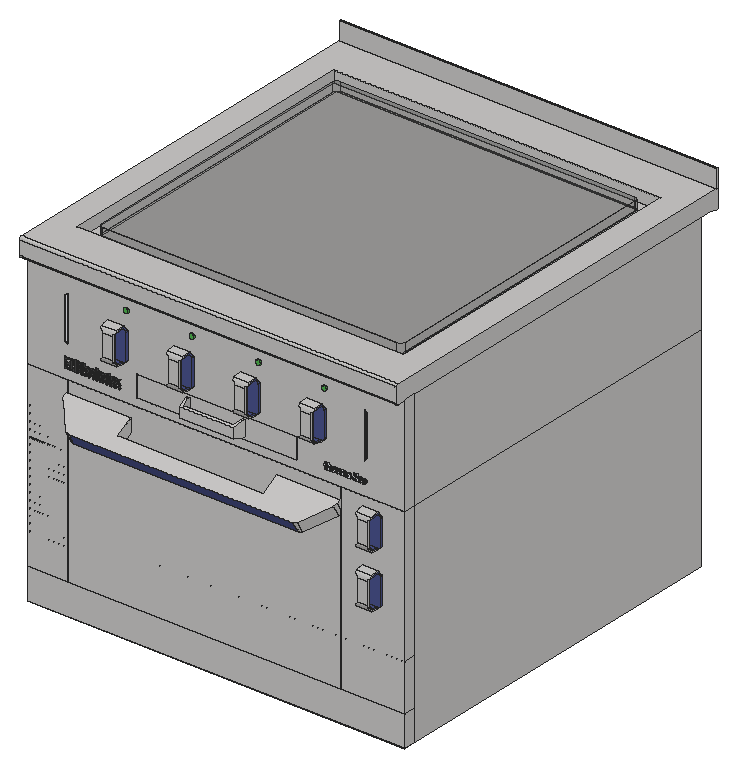
Revit family "QF_ELECTROLUXPROFESSIONAL_588695_MBLMGBH8AO", category Attrezzature speciali, Revit 2020
Family settings
  Quota connettore circolare = Usa diametro
  Tipo di parte = Normale
  Basato su piano di lavoro = No
  Sempre verticale = Sì
  Taglio con vuoti quando caricato = No
  Condiviso = No
  Punto di calcolo locali = No
Parameters (values of type "Standard")
  Weight = 223.00 kg
  Watts = 17300 W
  Volts = 400 V
  URL Manufacturer = "https://www.electroluxprofessional.com/"
  URL = "https://www.electroluxprofessional.com/"
  Steam Supply Size = 0"
  Steam Supply Minimum Pressure = 0.00 psi
  Steam Supply Maximum Pressure = 0.00 psi
  Steam Consumption per Hour = 0
  Refrigeration Suction Line Size = 0 mm
  Refrigeration Liquid Line Size = 0 mm
  Refrigerant Compressor Remote = yes
  Prospetto di default = 0 mm
  Phase = 3
  Modello = "MBLMGBH8AO"
  Produttore = "Electrolux Professional"
  Length Actual = 800 mm  # constant formula
  Item Number = "588695"
  Hot Water Size = 0"
  Height Actual = 700 mm  # constant formula
  HP = "23.2 HP"
  Gas Size = 0"
  Gas KW = 0
  Gas Input Pressure = 0.0 Btu/h
  Direct Waste Size = 0"
  Descrizione = "EL.SOLID T,ECO,ST.OV,1S,BS,800X850X700H"
  Depth Actual = 850 mm  # constant formula
  Cycle = 50 Hz
  Condensate Return Size = 0"
  Compressed Air Volume = 0 GPM
  Compressed Air Size = 0"
  Compressed Air Pressure = 0.00 psi
  Cold Water Size = 0"
  Accessory = yes
Reference planes
  plane 1 "BACK": y = 50
  plane 2: z = 0
  plane 3 "LEFT": x = 0
  plane 4 "RIGHT": x = 800
  plane 5 "FRONT": y = -800
  plane 6 "TOP": z = 900
  plane 7 "Center (Left/Right)": x = 400
  plane 8: y = -375
  plane 9: z = 200
  plane 10: y = -150
  plane 11 "Panel": y = -755
  plane 12: z = 798
  plane 13: z = 1327
  plane 14: x = 78
  plane 15: x = 722
  plane 16: y = -100
  plane 17: y = -600
  plane 18 "EIx": x = 755
  plane 19 "EIy": y = -585
Forms (mm)
  Extrusion 1, solid, material "QF_Finishes_Stainless Steel"
    sketch origin (-178.969, -4572, 200) x (-1, 0, 0) y (0, -1, 0)
      loop
        line (-178.969, -4577) -> (-178.969, -3817) -> (-978.969, -3817) -> (-978.969, -4577) -> (-178.969, -4577)
    from 450 to 662.969
  Extrusion 2, solid, material "QF_Finishes_Stainless Steel"
    sketch origin (0, 0, 0) x (0, 1, 0) y (0, 0, 1)
      loop
        line (-755, 200) -> (-755, 365) -> (-780, 365) -> (-780, 200) -> (-755, 200)
    from 0 to 800
  Extrusion 3, solid, material "QF_Finishes_Stainless Steel"
    sketch origin (-588.969, -4562, 200) x (-1, 0, 0) y (0, -1, 0)
      loop
        circle (-1343.969, -3977) r 6.35
    from 0 to -11.851
  Extrusion 4, solid, material "QF_Finishes_Stainless Steel"
    sketch origin (400, 296.4, 1219.2) x (0, 1, 0) y (0, 0, 1)
      loop
        line (-246.4, -319.2) -> (-1091.4, -319.2)
        arc (-1091.4, -319.2) -> (-1094.935, -320.664) -> (-1096.4, -324.2) r 5
        line (-1096.4, -324.2) -> (-1096.4, -355.2)
        arc (-1096.4, -355.2) -> (-1094.971, -358.264) -> (-1091.705, -359.139) r 4
        line (-1091.705, -359.139) -> (-1076.4, -356.231) -> (-266.4, -356.231) -> (-251.094, -359.139)
        arc (-251.094, -359.139) -> (-247.829, -358.264) -> (-246.4, -355.2) r 4
        line (-246.4, -355.2) -> (-246.4, -319.2)
    from -400 to 400
  Extrusion 5, solid, material "QF_Finishes_Electrolux_Black Smoke Iluminated"
    sketch origin (0, 0, 900) x (-1, 0, 0) y (0, -1, 0)
      loop
        arc (-88, 59) -> (-80.929, 61.929) -> (-78, 69) r 10
        line (-78, 69) -> (-78, 680)
        arc (-78, 680) -> (-80.929, 687.071) -> (-88, 690) r 10
        line (-88, 690) -> (-712, 690)
        arc (-712, 690) -> (-719.071, 687.071) -> (-722, 680) r 10
        line (-722, 680) -> (-722, 69)
        arc (-722, 69) -> (-719.071, 61.929) -> (-712, 59) r 10
        line (-712, 59) -> (-88, 59)
    from 0 to -20
  Extrusion 6, solid, material "QF_Finishes_Stainless Steel"
    sketch origin (-178.969, -4572, 200) x (-1, 0, 0) y (0, -1, 0)
      loop
        line (-178.969, -4577) -> (-178.969, -3817) -> (-978.969, -3817) -> (-978.969, -4577) -> (-178.969, -4577)
    from 450 to 0
  Extrusion 7, void
    sketch origin (0, 0, 900) x (-1, 0, 0) y (0, -1, 0)
      loop
        line (-53, 715) -> (-747, 715) -> (-747, 34) -> (-53, 34) -> (-53, 715)
    from 0 to -25
  Extrusion 8, solid, material "QF_Finishes_Stainless Steel"
    sketch origin (0, 0, 900) x (-1, 0, 0) y (0, -1, 0)
      loop
        line (-82, 63) -> (-82, 686) -> (-718, 686) -> (-718, 63) -> (-82, 63)
    from -20 to -25
  Extrusion 9, solid, material "QF_Finishes_Stainless Steel"
    sketch origin (400, 296.4, 1219.2) x (0, 1, 0) y (0, 0, 1)
      loop
        line (-249.4, -319.2) -> (-246.4, -319.2) -> (-246.4, -281.2) -> (-249.4, -281.2) -> (-249.4, -319.2)
    from -400 to 400
  Extrusion 10, solid, material "QF_Finishes_Stainless Steel"
    sketch origin (0, 0, 150) x (0, 1, 0) y (0, 0, 1)
      loop
        line (-755, 50) -> (-755, 115) -> (-780, 115) -> (-780, 50) -> (-755, 50)
    from 0 to 800
Cuts and joins
  Extrusion 7 cuts Extrusion 4
Lines and regions (mm)
  symbolic lines
    curve 1: line (0, 50, 200) -> (800, 50, 200)
    curve 2: line (0, -800, 200) -> (0, 50, 200)
    curve 3: line (800, -800, 200) -> (0, -800, 200)
    curve 4: line (800, 50, 200) -> (800, -800, 200)
    curve 5: line (712, -59, 200) -> (88, -59, 200)
    curve 6: line (78, -69, 200) -> (78, -680, 200)
    curve 7: line (88, -690, 200) -> (712, -690, 200)
    curve 8: line (722, -680, 200) -> (722, -69, 200)
    curve 9: arc (88, -59, 200) -> (80.929, -61.929, 200) -> (78, -69, 200) r 10
    curve 10: arc (722, -69, 200) -> (719.071, -61.929, 200) -> (712, -59, 200) r 10
    curve 11: arc (712, -690, 200) -> (719.071, -687.071, 200) -> (722, -680, 200) r 10
    curve 12: arc (78, -680, 200) -> (80.929, -687.071, 200) -> (88, -690, 200) r 10
    curve 13: line (747, -34, 900) -> (53, -34, 900)
    curve 14: line (53, -34, 900) -> (53, -715, 900)
    curve 15: line (747, -715, 900) -> (747, -34, 900)
    curve 16: line (53, -715, 900) -> (747, -715, 900)
    curve 33: line (0, 47, 0) -> (800, 47, 0)
  model lines, style "SpecialityEquipment"
    curve 17: arc (584, -161, 900) -> (530.967, -289.033, 900) -> (659, -236, 900) r 75
    curve 18: line (639, -236, 900) -> (679, -236, 900)
    curve 19: line (679, -236, 900) -> (659, -216, 900)
    curve 20: line (639, -236, 900) -> (659, -216, 900)
    curve 21: arc (216, -161, 900) -> (162.967, -289.033, 900) -> (291, -236, 900) r 75
    curve 22: line (271, -236, 900) -> (311, -236, 900)
    curve 23: line (311, -236, 900) -> (291, -216, 900)
    curve 24: line (271, -236, 900) -> (291, -216, 900)
    curve 25: arc (584, -489, 900) -> (530.967, -617.033, 900) -> (659, -564, 900) r 75
    curve 26: line (639, -564, 900) -> (679, -564, 900)
    curve 27: line (679, -564, 900) -> (659, -544, 900)
    curve 28: line (639, -564, 900) -> (659, -544, 900)
    curve 29: arc (216, -489, 900) -> (162.967, -617.033, 900) -> (291, -564, 900) r 75
    curve 30: line (271, -564, 900) -> (311, -564, 900)
    curve 31: line (311, -564, 900) -> (291, -544, 900)
    curve 32: line (271, -564, 900) -> (291, -544, 900)
Dimensions and locks
  plane 3 "LEFT" to plane 4 "RIGHT" = 800 mm
  plane 5 "FRONT" to plane 1 "BACK" = 850 mm
  equal spacing: plane 3 "LEFT", plane 7 "Center (Left/Right)", plane 4 "RIGHT"
  equal spacing: plane 5 "FRONT", plane 8, plane 1 "BACK"
  plane 6 "TOP" to level = 900 mm  (x2)
  plane 9 to level = 200 mm
  plane 1 "BACK" to plane 10 to plane 11 "Panel" = 200 mm, 605 mm  (x2)
  plane 6 "TOP" to plane 9 to level = 700 mm, 200 mm
  plane 1 "BACK" to plane 5 "FRONT" = 850 mm
  plane 1 "BACK" to Extrusion 3 = 635 mm
  plane 12 to plane 9 = 598 mm
  plane 13 to plane 6 "TOP" = 427 mm
  plane 6 "TOP" to plane 12 = 102 mm
  plane 14 to plane 3 "LEFT" = 78 mm
  plane 15 to plane 4 "RIGHT" = 78 mm
  locked: plane 1 "BACK" to plane 16 at 150
  locked: plane 16 to plane 17 at 500
  plane 11 "Panel" to plane 5 "FRONT" = 45 mm
  plane 18 "EIx" to plane 4 "RIGHT" = 45 mm
  plane 19 "EIy" to plane 1 "BACK" = 635 mm
  aligned and locked: level to plane 2
  aligned and locked: Extrusion 2 to plane 4 "RIGHT"
  aligned and locked: plane 3 "LEFT" to nested 1
  aligned and locked: nested 1 to nested 4
Automatic sketch dimensions
  Extrusion 3 sketch curve to plane 18 "EIx" = 0 mm
  Extrusion 3 sketch curve to plane 19 "EIy" = 0 mm
  Extrusion 4 sketch curve to plane 5 "FRONT" = 0 mm
  Extrusion 4 sketch curve to plane 6 "TOP" = 0 mm
  Extrusion 4 sketch curve to plane 1 "BACK" = 0 mm
  Extrusion 4 sketch curve to plane 5 "FRONT" = 4 mm
  Extrusion 4 sketch curve to Extrusion 4 sketch curve = 0.695 mm
  Extrusion 4 sketch curve to plane 5 "FRONT" = 5 mm
  Extrusion 4 sketch curve to Extrusion 4 sketch curve = 15.305 mm
  plane 1 "BACK" to Extrusion 4 sketch curve = 20 mm
  plane 1 "BACK" to Extrusion 4 sketch curve = 4.695 mm
  Extrusion 4 sketch curve to Extrusion 4 sketch curve = 4 mm
  Extrusion 4 sketch curve to Extrusion 4 sketch curve = 31 mm
  Extrusion 4 sketch curve to plane 6 "TOP" = 36 mm
  Extrusion 4 sketch curve to Extrusion 4 sketch curve = 2.909 mm
  Extrusion 5 sketch curve to plane 15 = 0 mm
  Extrusion 5 sketch curve to plane 14 = 0 mm
  plane 15 to Extrusion 5 sketch curve = 10 mm  (x2)
  Extrusion 5 sketch curve to Extrusion 5 sketch curve = 10 mm  (x2)
  plane 10 to Extrusion 5 sketch curve = 91 mm
  plane 17 to Extrusion 5 sketch curve = 80 mm
  plane 18 "EIx" to Extrusion 7 sketch curve = 8 mm
  plane 14 to Extrusion 7 sketch curve = 25 mm
  plane 10 to Extrusion 7 sketch curve = 116 mm
  plane 11 "Panel" to Extrusion 7 sketch curve = 40 mm
  Extrusion 8 sketch curve to plane 14 = 4 mm
  plane 15 to Extrusion 8 sketch curve = 4 mm
  plane 17 to Extrusion 8 sketch curve = 86 mm
  plane 10 to Extrusion 8 sketch curve = 87 mm
  curve 20 to curve 17 = 55 mm
  curve 26 to curve 25 = 55 mm
  curve 19 to curve 18 = 20 mm
  curve 26 to curve 27 = 20 mm
  curve 18 to curve 19 = 20 mm
  plane 18 "EIx" to curve 13 = 8 mm
  curve 31 to plane 7 "Center (Left/Right)" = 89 mm
  curve 23 to plane 7 "Center (Left/Right)" = 89 mm
  curve 22 to curve 24 = 20 mm
  curve 30 to curve 31 = 20 mm
  curve 23 to curve 22 = 20 mm
  curve 31 to curve 30 = 20 mm
  curve 22 to curve 21 = 55 mm
  curve 30 to curve 29 = 55 mm
  plane 14 to curve 14 = 25 mm
  plane 10 to curve 13 = 116 mm
  plane 11 "Panel" to curve 16 = 40 mm
  curve 29 to curve 30 = 20 mm
  curve 27 to curve 26 = 40 mm
  curve 25 to curve 26 = 20 mm
  plane 15 to curve 19 = 43 mm
  curve 17 to curve 18 = 20 mm
  curve 21 to curve 22 = 20 mm
  Extrusion 9 sketch curve to plane 6 "TOP" = 0 mm
  Extrusion 9 sketch curve to plane 1 "BACK" = 0 mm
  Extrusion 9 sketch curve to Extrusion 9 sketch curve = 3 mm
  Extrusion 9 sketch curve to Extrusion 9 sketch curve = 38 mm
  plane 19 "EIy" to curve 27 = 21 mm
  plane 15 to curve 27 = 43 mm
  curve 23 to plane 10 = 66 mm
  curve 19 to plane 10 = 66 mm
  plane 19 "EIy" to curve 32 = 41 mm
  Extrusion 1 sketch curve to plane 4 "RIGHT" = 0 mm
  Extrusion 1 sketch curve to plane 3 "LEFT" = 0 mm
  Extrusion 1 sketch curve to plane 11 "Panel" = 0 mm
  plane 1 "BACK" to Extrusion 1 sketch curve = 45 mm
  Extrusion 2 sketch curve to plane 9 = 0 mm
  Extrusion 2 sketch curve to plane 11 "Panel" = 0 mm
  Extrusion 2 sketch curve to plane 5 "FRONT" = 20 mm
  plane 9 to Extrusion 2 sketch curve = 165 mm
  plane 1 "BACK" to curve 1 = 0 mm
  curve 1 to plane 4 "RIGHT" = 0 mm
  curve 8 to plane 15 = 0 mm
  curve 6 to plane 14 = 0 mm
  curve 2 to plane 3 "LEFT" = 0 mm
  plane 5 "FRONT" to curve 3 = 0 mm
  plane 15 to curve 5 = 10 mm
  curve 11 to curve 11 = 10 mm
  curve 5 to plane 14 = 10 mm
  curve 12 to curve 6 = 10 mm
  plane 10 to curve 5 = 91 mm
  plane 17 to curve 11 = 80 mm
  Extrusion 6 sketch curve to plane 4 "RIGHT" = 0 mm
  Extrusion 6 sketch curve to plane 3 "LEFT" = 0 mm
  Extrusion 6 sketch curve to plane 11 "Panel" = 0 mm
  plane 1 "BACK" to Extrusion 6 sketch curve = 45 mm
  Extrusion 10 sketch curve to plane 11 "Panel" = 0 mm
  Extrusion 10 sketch curve to plane 5 "FRONT" = 20 mm
  plane 9 to Extrusion 10 sketch curve = 0 mm
  Extrusion 10 sketch curve to Extrusion 10 sketch curve = 65 mm
  radius of Extrusion 3 sketch curve = 6.35 mm
Nested families
  nested 1: "Door_Panel_W800_Fori" at (300, -755, 0), type "Door_Panel_W800_Fori"
  nested 2: "FIT Range Control Handle" at (730, -783.167, -372.751), type "FIT Range Control Handle"
  nested 3: "FIT Range Control Handle" at (730, -783.167, -484.751), type "FIT Range Control Handle"
  nested 4: "Front_Panel_W800_Four Knobs_Spie" at (202.376, -755, 0), type "Front_Panel_W800_Four Knobs_Spie"
Connectors
  electrical at (755, -585, 188.149)
    settings: on Extrusion 3, index 1, voltage 400 V, apparent load 33000 VA, apparent load phase1 0 VA, apparent load phase2 0 VA, apparent load phase3 0 VA, power factor 1, load classification "Other", number of poles 1, system type 30, power factor state 1, is connector primary yes, connector utility no, sub classification motor no, connector description "ELECTRICAL CONNECTION"
Definition of nested family "Door_Panel_W800_Fori"
  Parameters
    Default Elevation = 0 mm
  Reference planes
    plane 1 "Center (Front/Back)": y = 0
    plane 2 "Ref. Level": z = 0
    plane 3: x = 500
    plane 4: x = -300
    plane 5 "Center (Left/Right)": x = 100
    plane 6: x = -215
    plane 7: x = 365
    plane 8 "Manopola": through (-6096, -50.059, 612.389) normal (0, -0.515, 0.8572)
    plane 9 "Top": z = 650
    plane 10: z = 265
    plane 11: z = 200
  Forms (mm)
    Extrusion 1, solid
      sketch origin (100, 0, 0) x (0, 1, 0) y (0, 0, 1)
        loop
          line (-25.03, 650) -> (-25.03, 265) -> (0, 265) -> (0, 650) -> (-25.03, 650)
      from 265 to 400
    Extrusion 2, solid
      sketch origin (100, 0, 0) x (0, 1, 0) y (0, 0, 1)
        loop
          line (-25.03, 650) -> (-25.03, 265) -> (0, 265) -> (0, 650) -> (-25.03, 650)
      from -400 to -315
    Extrusion 3, solid
      sketch origin (100, 0, 0) x (0, 1, 0) y (0, 0, 1)
        loop
          line (-25.03, 650) -> (-25.03, 265) -> (0, 265) -> (0, 650) -> (-25.03, 650)
      from -315 to 265
    Extrusion 4, solid
      sketch origin (0, -283.633, 472.044) x (0, 0.857167, 0.515038) y (-1, 0, 0)
        loop
          line (299.12, -365) -> (299.12, 215) -> (290.982, 215)
          arc (290.982, 215) -> (286.677, 214.026) -> (283.211, 211.293) r 10
          line (283.211, 211.293) -> (233.28, 170.86)
          arc (233.28, 170.86) -> (230.548, 167.394) -> (229.574, 163.089) r 10
          line (229.574, 163.089) -> (229.574, -313.089)
          arc (229.574, -313.089) -> (230.548, -317.394) -> (233.28, -320.86) r 10
          line (233.28, -320.86) -> (283.211, -361.293)
          arc (283.211, -361.293) -> (286.677, -364.026) -> (290.982, -365) r 10
          line (290.982, -365) -> (299.12, -365)
      from -27 to 0
    Extrusion 5, void
      sketch origin (100, 0, 0) x (0, 1, 0) y (0, 0, 1)
        loop
          line (-61.514, 605.507) -> (-47.608, 582.363) -> (-25.03, 595.93) -> (-25.03, 627.429) -> (-61.514, 605.507)
      from -180 to 130
    Extrusion 6, solid, detail levels coarse
      sketch origin (100, 0, 0) x (0, 1, 0) y (0, 0, 1)
        loop
          line (-25.03, 265) -> (-25.03, 650)
          arc (-25.03, 650) -> (-297.266, 537.236) -> (-410.03, 265) r 385
          line (-410.03, 265) -> (-25.03, 265)
      from -315 to 265
    Extrusion 7, void
      sketch origin (0, 0, 0) x (1, 0, 0) y (0, 0, 1)
        loop
          line (-295, 573.713) -> (-295, 571.713) -> (-222, 571.713) -> (-222, 573.713) -> (-295, 573.713)
        loop
          line (-295, 558.713) -> (-295, 556.713) -> (-222, 556.713) -> (-222, 558.713) -> (-295, 558.713)
        loop
          line (-295, 543.713) -> (-295, 541.713) -> (-222, 541.713) -> (-222, 543.713) -> (-295, 543.713)
        loop
          line (-295, 528.713) -> (-295, 526.713) -> (-222, 526.713) -> (-222, 528.713) -> (-295, 528.713)
        loop
          line (-295, 513.713) -> (-295, 511.713) -> (-222, 511.713) -> (-222, 513.713) -> (-295, 513.713)
        loop
          line (-295, 498.713) -> (-295, 496.713) -> (-222, 496.713) -> (-222, 498.713) -> (-295, 498.713)
        loop
          line (-295, 483.713) -> (-295, 481.713) -> (-222, 481.713) -> (-222, 483.713) -> (-295, 483.713)
        loop
          line (-295, 468.713) -> (-295, 466.713) -> (-222, 466.713) -> (-222, 468.713) -> (-295, 468.713)
        loop
          line (-295, 453.713) -> (-295, 451.713) -> (-222, 451.713) -> (-222, 453.713) -> (-295, 453.713)
        loop
          line (-295, 438.713) -> (-295, 436.713) -> (-222, 436.713) -> (-222, 438.713) -> (-295, 438.713)
        loop
          line (-295, 423.713) -> (-295, 421.713) -> (-222, 421.713) -> (-222, 423.713) -> (-295, 423.713)
        loop
          line (-295, 408.713) -> (-295, 406.713) -> (-222, 406.713) -> (-222, 408.713) -> (-295, 408.713)
        loop
          line (-295, 393.713) -> (-295, 391.713) -> (-222, 391.713) -> (-222, 393.713) -> (-295, 393.713)
        loop
          line (-295, 378.713) -> (-295, 376.713) -> (-222, 376.713) -> (-222, 378.713) -> (-295, 378.713)
        loop
          line (-295, 363.713) -> (-295, 361.713) -> (-222, 361.713) -> (-222, 363.713) -> (-295, 363.713)
        loop
          line (-295, 348.713) -> (-295, 346.713) -> (-222, 346.713) -> (-222, 348.713) -> (-295, 348.713)
        loop
          line (-295, 333.713) -> (-295, 331.713) -> (-222, 331.713) -> (-222, 333.713) -> (-295, 333.713)
      from 25.03 to 20
  Cuts and joins
    Extrusion 5 cuts Extrusion 4
    joined: Extrusion 3, Extrusion 4
    Extrusion 7 cuts Extrusion 2
  Lines and regions (mm)
    symbolic lines
      curve 1: line (-207.355, -45.043, 0) -> (-170.86, -83.673, 0)
      curve 2: line (-163.089, -86.85, 0) -> (313.089, -86.85, 0)
      curve 3: line (320.86, -83.673, 0) -> (357.355, -45.043, 0)
      curve 4: arc (-163.089, -86.85, 0) -> (-167.318, -86.101, 0) -> (-170.86, -83.673, 0) r 10.165
      curve 5: arc (313.089, -86.85, 0) -> (317.318, -86.101, 0) -> (320.86, -83.673, 0) r 10.165
      curve 6: line (-215, -45.043, 0) -> (-215, -410.03, 0)
      curve 7: line (-215, -410.03, 0) -> (365, -410.03, 0)
      curve 8: line (365, -410.03, 0) -> (365, -45.03, 0)
  Dimensions and locks
    plane 3 to plane 4 = 800 mm
    plane 4 to plane 3 = 800 mm
    equal spacing: plane 3, plane 5 "Center (Left/Right)", plane 4
    plane 6 to plane 4 = 85 mm
    plane 3 to plane 7 = 135 mm
    plane 11 to level = 200 mm
    plane 10 to plane 11 = 65 mm
    plane 10 to plane 9 "Top" = 385 mm
    plane 9 "Top" to plane 11 = 450 mm
    aligned and locked: plane 3 to Extrusion 1
    aligned and locked: cut or joined group of Extrusion 3, Extrusion 4, Extrusion 5 to plane 6
    aligned and locked: cut or joined group of Extrusion 3, Extrusion 4, Extrusion 5 to plane 7
    aligned and locked: plane 7 to Extrusion 1
    aligned and locked: plane 6 to Extrusion 2
    aligned and locked: Extrusion 2 to plane 4
    aligned and locked: plane 10 to Extrusion 2
    aligned and locked: plane 10 to cut or joined group of Extrusion 3, Extrusion 4, Extrusion 5
    aligned and locked: plane 10 to Extrusion 1
    aligned and locked: Extrusion 6 to plane 6
    aligned and locked: Extrusion 6 to plane 7
  Automatic sketch dimensions
    Extrusion 5 sketch curve to plane 8 "Manopola" = 0 mm  (x2)
    plane 1 "Center (Front/Back)" to Extrusion 5 sketch curve = 61.514 mm
    Extrusion 5 sketch curve to Extrusion 5 sketch curve = 13.906 mm
    plane 1 "Center (Front/Back)" to Extrusion 5 sketch curve = 25.03 mm
    Extrusion 4 sketch curve to plane 7 = 0 mm
    Extrusion 4 sketch curve to plane 6 = 0 mm
    plane 6 to Extrusion 4 sketch curve = 51.911 mm
    plane 7 to Extrusion 4 sketch curve = 44.14 mm
    Extrusion 4 sketch curve to Extrusion 4 sketch curve = 3.707 mm  (x2)
    plane 6 to Extrusion 4 sketch curve = 44.14 mm
    plane 7 to Extrusion 4 sketch curve = 3.707 mm
    Extrusion 4 sketch curve to Extrusion 4 sketch curve = 49.93 mm  (x2)
    plane 6 to Extrusion 4 sketch curve = 3.707 mm
    Extrusion 4 sketch curve to Extrusion 4 sketch curve = 7.771 mm  (x3)
    Extrusion 4 sketch curve to Extrusion 4 sketch curve = 8.138 mm
    Extrusion 2 sketch curve to plane 1 "Center (Front/Back)" = 0 mm
    Extrusion 3 sketch curve to plane 1 "Center (Front/Back)" = 0 mm
    Extrusion 1 sketch curve to plane 1 "Center (Front/Back)" = 0 mm
    Extrusion 2 sketch curve to plane 9 "Top" = 0 mm
    Extrusion 2 sketch curve to Extrusion 2 sketch curve = 25.03 mm
    Extrusion 3 sketch curve to plane 9 "Top" = 0 mm
    Extrusion 3 sketch curve to Extrusion 3 sketch curve = 25.03 mm
    Extrusion 1 sketch curve to plane 9 "Top" = 0 mm
    plane 1 "Center (Front/Back)" to Extrusion 1 sketch curve = 25.03 mm
    level to Extrusion 1 sketch curve = 265 mm
    level to Extrusion 2 sketch curve = 265 mm
    level to Extrusion 3 sketch curve = 265 mm
    plane 10 to Extrusion 6 sketch curve = 0 mm
    Extrusion 6 sketch curve to plane 9 "Top" = 0 mm
    plane 1 "Center (Front/Back)" to Extrusion 6 sketch curve = 25.03 mm
    curve 7 to plane 7 = 0 mm
    plane 6 to curve 1 = 44.14 mm
    curve 4 to curve 4 = 7.389 mm
    curve 4 to curve 2 = 7.771 mm
    plane 7 to curve 2 = 51.911 mm
    curve 2 to curve 5 = 0.382 mm
    curve 2 to curve 3 = 7.771 mm
    plane 1 "Center (Front/Back)" to curve 6 = 410.03 mm
    plane 1 "Center (Front/Back)" to curve 2 = 86.85 mm
    curve 2 to curve 3 = 3.177 mm
    curve 2 to curve 1 = 3.177 mm
    plane 7 to curve 3 = 7.645 mm
    plane 1 "Center (Front/Back)" to curve 3 = 45.043 mm
    curve 3 to curve 8 = 0.013 mm
    curve 7 to plane 6 = 0 mm
    curve 6 to curve 1 = 7.645 mm
    plane 1 "Center (Front/Back)" to curve 1 = 45.043 mm
    curve 6 to curve 1 = 0 mm
    plane 4 to Extrusion 7 sketch curve = 5 mm  (x17)
    Extrusion 7 sketch curve to plane 6 = 7 mm  (x17)
    Extrusion 7 sketch curve to plane 10 = 66.713 mm
    Extrusion 7 sketch curve to Extrusion 7 sketch curve = 2 mm  (x17)
    Extrusion 7 sketch curve to Extrusion 7 sketch curve = 13 mm  (x16)
Definition of nested family "FIT Range Control Handle"
  Parameters
    Default Elevation = 0 mm
  Reference planes
    plane 1 "Center (Front/Back)": y = 0
    plane 2: z = 0
    plane 3 "Center (Left/Right)": x = 0
    plane 4: z = 971.092
    plane 5: y = -16.8
  Forms (mm)
    Extrusion 1, solid
      sketch origin (-746.28, 380.497, 208.931) x (-1, 0, 0) y (0, 0, 1)
        loop
          line (-770.101, 786.798) -> (-770.101, 731.649)
          arc (-770.101, 731.649) -> (-769.759, 730.563) -> (-768.855, 729.87) r 1.893
          line (-768.855, 729.87) -> (-763.474, 727.911) -> (-729.81, 727.911) -> (-724.428, 729.87)
          arc (-724.428, 729.87) -> (-723.525, 730.563) -> (-723.183, 731.649) r 1.893
          line (-723.183, 731.649) -> (-723.183, 786.798)
          arc (-723.183, 786.798) -> (-723.529, 787.894) -> (-724.44, 788.593) r 1.91
          line (-724.44, 788.593) -> (-729.683, 790.819) -> (-763.601, 790.819) -> (-768.844, 788.593)
          arc (-768.844, 788.593) -> (-769.755, 787.894) -> (-770.101, 786.798) r 1.91
      from -382.35 to -378.852
    Sweep 2, solid
      path origin (-746.788, 380.496, 208.091) x (0, -1, 0) y (0, 0, 1)
        loop
          line (379.775, 793.281) -> (395.661, 791.048)
          arc (395.661, 791.048) -> (397.781, 787.377) -> (398.517, 783.202) r 12.207
          line (398.517, 783.202) -> (398.517, 737.368)
          arc (398.517, 737.368) -> (397.781, 733.193) -> (395.661, 729.522) r 12.207
          line (395.661, 729.522) -> (379.775, 727.289)
      profile origin (-746.788, -7.222, 1000.256) x (0, -0.139173, 0.990268) y (-1, 0, 0)
        loop
          line (0.782, -763.123) -> (0.782, -730.907) -> (-1.322, -730.907) -> (-1.322, -763.123) -> (0.782, -763.123)
    Sweep 3, solid
      path origin (-746.788, 380.715, 207.832) x (0, -1, 0) y (0, 0, 1)
        loop
          line (380.478, 795.442) -> (397.218, 793.09)
          arc (397.218, 793.09) -> (399.929, 788.473) -> (400.871, 783.202) r 15.207
          line (400.871, 783.202) -> (400.871, 737.584)
          arc (400.871, 737.584) -> (399.914, 732.274) -> (397.164, 727.633) r 15.207
          line (397.164, 727.633) -> (380.601, 725.305)
      profile origin (-746.788, -8.132, 1002.099) x (0, -0.139173, 0.990268) y (-1, 0, 0)
        loop
          line (0.782, -763.123) -> (0.782, -730.907) -> (-1.322, -730.907) -> (-1.322, -763.123) -> (0.782, -763.123)
    Extrusion 4, void
      sketch origin (889.253, 220.666, 207.993) x (1, 0, 0) y (0, 0, 1)
        loop
          line (-943.038, 816.854) -> (-943.038, 703.686) -> (-899.466, 734.196) -> (-899.466, 786.344) -> (-943.038, 816.854)
      from 230.636 to 242.25
    Extrusion 5, void
      sketch origin (-888.8, 220.666, 207.993) x (-1, 0, 0) y (0, 0, -1)
        loop
          line (-943.038, -816.854) -> (-899.466, -786.344) -> (-899.466, -734.196) -> (-943.038, -703.686) -> (-943.038, -816.854)
      from 230.636 to 242.25
    Extrusion 6, solid
      sketch origin (0, 0, 0) x (1, 0, 0) y (0, 0, 1)
        loop
          circle (0, 971.092) r 7.736
      from -3.137 to -1.645
  Cuts and joins
    Extrusion 4, Extrusion 5 cuts Sweep 3
    Extrusion 4, Extrusion 5 cuts Sweep 2
    joined: Extrusion 1, Extrusion 6
  Lines and regions (mm)
    symbolic lines
      curve 1: line (-15.881, -19.189, 0) -> (-15.881, -16.8, 0)
      curve 2: line (16.334, -19.189, 0) -> (16.334, -16.8, 0)
      curve 3: spline (-15.881, -19.189, 0) -> (-15.417, -19.349, 0) -> (-14.951, -19.501, 0) -> (-14.483, -19.646, 0) -> (-14.014, -19.783, 0) -> (-13.543, -19.912, 0) -> (-13.071, -20.033, 0) -> (-12.597, -20.146, 0) -> (-12.122, -20.251, 0) -> (-11.646, -20.349, 0) -> (-11.169, -20.438, 0) -> (-10.691, -20.52, 0) -> (-10.213, -20.593, 0)
      curve 4: spline (10.666, -20.593, 0) -> (11.144, -20.52, 0) -> (11.622, -20.438, 0) -> (12.099, -20.349, 0) -> (12.575, -20.251, 0) -> (13.05, -20.146, 0) -> (13.524, -20.033, 0) -> (13.996, -19.912, 0) -> (14.467, -19.783, 0) -> (14.936, -19.646, 0) -> (15.404, -19.501, 0) -> (15.87, -19.349, 0) -> (16.334, -19.189, 0)
      curve 5: line (-10.213, -20.938, 0) -> (10.716, -20.938, 0)
  Dimensions and locks
    cut or joined group of Sweep 3, Extrusion 4, Extrusion 5 to cut or joined group of Sweep 3, Extrusion 4, Extrusion 5 = 71.686 mm
Definition of nested family "Front_Panel_W800_Four Knobs_Spie"
  Parameters
    Default Elevation = 0 mm
  Reference planes
    plane 1 "Center (Front/Back)": y = 0
    plane 2: z = 0
    plane 3 "Center (Left/Right)": x = 197.624
    plane 4 "Left": x = -202.376
    plane 5 "Right": x = 597.624
    plane 6: y = -45
    plane 7: x = -12.376
    plane 8: x = 127.624
    plane 9: y = -310
    plane 10 "Panel": y = -25
    plane 11: x = 517.624
    plane 12: x = -122.376
  Forms (mm)
    Extrusion 1, solid
      sketch origin (833.217, 829.203, -1.25) x (0, 1, 0) y (0, 0, 1)
        loop
          line (-854.203, 651.25) -> (-829.203, 651.25) -> (-829.203, 864.25) -> (-854.203, 864.25) -> (-854.203, 651.25)
      from -1035.593 to -235.593
    Extrusion 2, void
      sketch origin (0, -25, -10) x (0, 0, 1) y (-1, 0, 0)
        loop
          line (731.866, 122.376) -> (726.866, 117.376) -> (823.866, 117.376) -> (818.866, 122.376) -> (731.866, 122.376)
        loop
          line (731.866, -517.624) -> (818.866, -517.624) -> (823.866, -512.624) -> (726.866, -512.624) -> (731.866, -517.624)
      from 0 to -2
    Extrusion 3, void
      sketch origin (0, 0, 0) x (1, 0, 0) y (0, 0, 1)
        loop
          line (30.124, 711.866) -> (30.124, 666.866) -> (370.124, 666.866) -> (370.124, 711.866) -> (30.124, 711.866)
      from 19.387 to 25
    Extrusion 4, solid
      sketch origin (0, 0, 0) x (1, 0, 0) y (0, 0, 1)
        loop
          line (31.124, 710.866) -> (31.124, 667.866) -> (369.124, 667.866) -> (369.124, 710.866) -> (31.124, 710.866)
      from 19.387 to 25
    Extrusion 5, solid
      sketch origin (0, 0, 0) x (1, 0, 0) y (0, 1, 0)
        loop
          line (141.059, -25) -> (135.966, -25) -> (140.646, -49.075) -> (254.603, -49.075) -> (259.283, -25) -> (254.189, -25) -> (250.481, -44.075) -> (144.767, -44.075) -> (141.059, -25)
      from 672.593 to 705.67
    Extrusion 6, void
      sketch origin (197.624, 0, 0) x (0, 1, 0) y (0, 0, 1)
        loop
          line (-30, 705.67) -> (-30, 710.67) -> (-56.744, 710.67) -> (-56.744, 667.593) -> (-30, 667.593) -> (-30, 672.593) -> (-53.776, 680.318) -> (-53.776, 697.945) -> (-30, 705.67)
      from -70 to 70
    Extrusion 7, solid, detail levels coarse
      sketch origin (0, -265, 0) x (1, 0, 0) y (0, 1, 0)
        loop
          line (140.646, -69.075) -> (254.603, -69.075) -> (259.283, -45) -> (364.124, -45) -> (364.124, 240) -> (31.124, 240) -> (31.124, -45) -> (135.966, -45) -> (140.646, -69.075)
      from 672.593 to 705.67
    Extrusion 8, void
      sketch origin (197.624, -280, 0) x (0, 1, 0) y (0, 0, 1)
        loop
          line (-30, 705.67) -> (-30, 710.67) -> (-56.744, 710.67) -> (-56.744, 667.593) -> (-30, 667.593) -> (-30, 672.593) -> (-53.776, 680.318) -> (-53.776, 697.945) -> (-30, 705.67)
      from -70 to 70
    Extrusion 9, solid
      sketch origin (20, -25, 1.163) x (0, 0, 1) y (-1, 0, 0)
        loop
          circle (824.337, 12.376) r 5
      from 0 to 1.7
    Extrusion 10, solid
      sketch origin (160, -25, 1.163) x (0, 0, 1) y (-1, 0, 0)
        loop
          circle (824.337, 12.376) r 5
      from 0 to 1.7
    Extrusion 11, solid
      sketch origin (300.724, -25, 1.163) x (0, 0, 1) y (-1, 0, 0)
        loop
          circle (824.337, 12.376) r 5
      from 0 to 1.7
    Extrusion 12, solid
      sketch origin (440.724, -25, 1.163) x (0, 0, 1) y (-1, 0, 0)
        loop
          circle (824.337, 12.376) r 5
      from 0 to 1.7
    Extrusion 13, solid
      sketch origin (0, -25, -10) x (0, 0, 1) y (-1, 0, 0)
        loop
          line (731.866, 122.376) -> (726.866, 117.376) -> (823.866, 117.376) -> (818.866, 122.376) -> (731.866, 122.376)
        loop
          line (726.866, -512.624) -> (731.866, -517.624) -> (818.866, -517.624) -> (823.866, -512.624) -> (726.866, -512.624)
      from 0 to -2
  Cuts and joins
    Extrusion 2, Extrusion 3 cuts Extrusion 1
    Extrusion 6, Extrusion 8 cuts Extrusion 5
    Extrusion 8 cuts Extrusion 7
  Lines and regions (mm)
    symbolic lines
      curve 1: line (31.124, -45, 0) -> (31.124, -310, 0)
      curve 2: line (31.124, -310, 0) -> (364.124, -310, 0)
      curve 3: line (135.966, -310, 0) -> (140.646, -334.075, 0)
      curve 4: line (140.646, -334.075, 0) -> (254.603, -334.075, 0)
      curve 5: line (254.603, -334.075, 0) -> (259.283, -310, 0)
      curve 6: line (364.124, -310, 0) -> (364.124, -45, 0)
      curve 7: line (31.124, -300, 0) -> (364.124, -300, 0)
      curve 8: line (140.874, -309.046, 0) -> (144.767, -329.075, 0)
      curve 9: line (144.767, -329.075, 0) -> (250.481, -329.075, 0)
      curve 10: line (250.481, -329.075, 0) -> (254.375, -309.046, 0)
  Dimensions and locks
    equal spacing: plane 5 "Right", plane 3 "Center (Left/Right)", plane 4 "Left"
    plane 5 "Right" to plane 4 "Left" = 800 mm
    plane 3 "Center (Left/Right)" to plane 7 = 210 mm
    plane 3 "Center (Left/Right)" to plane 8 = 70 mm
    plane 6 to plane 9 = 265 mm
    aligned and locked: cut or joined group of Extrusion 1, Extrusion 2, Extrusion 3 to plane 4 "Left"
    aligned and locked: plane 5 "Right" to cut or joined group of Extrusion 1, Extrusion 2, Extrusion 3
  Automatic sketch dimensions
    plane 6 to curve 1 = 0 mm
    curve 1 to plane 9 = 0 mm
    plane 6 to curve 6 = 0 mm
    plane 7 to curve 1 = 43.5 mm
    plane 8 to curve 3 = 13.021 mm
    curve 3 to curve 8 = 4.122 mm
    curve 10 to plane 9 = 19.075 mm
    plane 3 "Center (Left/Right)" to curve 10 = 52.857 mm
    curve 5 to plane 9 = 24.075 mm
    curve 9 to curve 5 = 4.122 mm
    curve 4 to curve 2 = 109.521 mm
    plane 8 to curve 3 = 8.342 mm
    plane 9 to curve 8 = 0.954 mm
    curve 3 to curve 8 = 4.908 mm
    plane 9 to curve 10 = 0.954 mm
    curve 9 to curve 10 = 3.893 mm
    curve 10 to curve 5 = 4.908 mm
    plane 9 to curve 7 = 10 mm
    Extrusion 1 sketch curve to plane 10 "Panel" = 0 mm
    Extrusion 1 sketch curve to plane 1 "Center (Front/Back)" = 0 mm
    Extrusion 2 sketch curve to plane 12 = 0 mm
    Extrusion 2 sketch curve to plane 11 = 0 mm
    Extrusion 2 sketch curve to plane 11 = 5 mm
    plane 12 to Extrusion 2 sketch curve = 5 mm
    Extrusion 2 sketch curve to Extrusion 2 sketch curve = 5 mm  (x4)
    plane 7 to Extrusion 3 sketch curve = 42.5 mm
    Extrusion 3 sketch curve to plane 11 = 147.5 mm
    Extrusion 3 sketch curve to Extrusion 3 sketch curve = 45 mm
    plane 7 to Extrusion 4 sketch curve = 43.5 mm
    Extrusion 4 sketch curve to plane 11 = 148.5 mm
    Extrusion 4 sketch curve to Extrusion 4 sketch curve = 43 mm
    plane 10 "Panel" to Extrusion 5 sketch curve = 0 mm  (x2)
    plane 8 to Extrusion 5 sketch curve = 8.342 mm
    plane 6 to Extrusion 5 sketch curve = 4.075 mm
    plane 8 to Extrusion 5 sketch curve = 13.021 mm
    Extrusion 5 sketch curve to Extrusion 5 sketch curve = 5.094 mm  (x2)
    Extrusion 5 sketch curve to plane 6 = 0.925 mm
    Extrusion 5 sketch curve to Extrusion 5 sketch curve = 4.122 mm  (x2)
    plane 3 "Center (Left/Right)" to Extrusion 5 sketch curve = 52.857 mm
    Extrusion 5 sketch curve to Extrusion 5 sketch curve = 3.708 mm
    plane 6 to Extrusion 6 sketch curve = 11.744 mm
    plane 6 to Extrusion 6 sketch curve = 8.776 mm
    plane 10 "Panel" to Extrusion 6 sketch curve = 5 mm  (x2)
    Extrusion 6 sketch curve to Extrusion 6 sketch curve = 5 mm
    Extrusion 6 sketch curve to Extrusion 6 sketch curve = 12.725 mm  (x2)
    Extrusion 6 sketch curve to Extrusion 6 sketch curve = 17.627 mm
    Extrusion 6 sketch curve to Extrusion 6 sketch curve = 7.725 mm
    plane 10 "Panel" to Extrusion 7 sketch curve = 0 mm
    Extrusion 7 sketch curve to plane 9 = 0 mm  (x2)
    plane 7 to Extrusion 7 sketch curve = 43.5 mm
    plane 8 to Extrusion 7 sketch curve = 8.342 mm
    plane 8 to Extrusion 7 sketch curve = 13.021 mm
    Extrusion 7 sketch curve to plane 9 = 24.075 mm
    plane 3 "Center (Left/Right)" to Extrusion 7 sketch curve = 56.979 mm
    Extrusion 7 sketch curve to Extrusion 7 sketch curve = 4.68 mm
    Extrusion 7 sketch curve to Extrusion 7 sketch curve = 104.842 mm
    Extrusion 8 sketch curve to plane 9 = 26.744 mm
    Extrusion 8 sketch curve to plane 9 = 23.776 mm
    plane 9 to Extrusion 8 sketch curve = 0 mm  (x2)
    Extrusion 8 sketch curve to Extrusion 8 sketch curve = 5 mm
    Extrusion 8 sketch curve to Extrusion 8 sketch curve = 12.725 mm  (x2)
    Extrusion 8 sketch curve to Extrusion 8 sketch curve = 17.627 mm
    Extrusion 8 sketch curve to Extrusion 8 sketch curve = 7.725 mm
    plane 7 to Extrusion 9 sketch curve = 20 mm
    plane 8 to Extrusion 10 sketch curve = 20 mm
    plane 3 "Center (Left/Right)" to Extrusion 11 sketch curve = 90.724 mm
    Extrusion 12 sketch curve to plane 11 = 89.276 mm
    Extrusion 13 sketch curve to plane 12 = 0 mm
    Extrusion 13 sketch curve to plane 11 = 0 mm
    plane 12 to Extrusion 13 sketch curve = 5 mm
    Extrusion 13 sketch curve to Extrusion 13 sketch curve = 5 mm  (x4)
    Extrusion 13 sketch curve to plane 11 = 5 mm
    level to Extrusion 1 sketch curve = 650 mm
    Extrusion 1 sketch curve to Extrusion 1 sketch curve = 213 mm
    level to Extrusion 2 sketch curve = 716.866 mm
    Extrusion 2 sketch curve to Extrusion 2 sketch curve = 0 mm
    Extrusion 2 sketch curve to Extrusion 2 sketch curve = 87 mm  (x2)
    level to Extrusion 3 sketch curve = 666.866 mm
    level to Extrusion 4 sketch curve = 667.866 mm
    level to Extrusion 6 sketch curve = 667.593 mm
    level to Extrusion 8 sketch curve = 667.593 mm
    level to Extrusion 9 sketch curve = 825.5 mm
    level to Extrusion 10 sketch curve = 825.5 mm
    level to Extrusion 11 sketch curve = 825.5 mm
    level to Extrusion 12 sketch curve = 825.5 mm
    level to Extrusion 13 sketch curve = 716.866 mm
    Extrusion 13 sketch curve to Extrusion 13 sketch curve = 0 mm
    Extrusion 13 sketch curve to Extrusion 13 sketch curve = 87 mm  (x2)
    radius of Extrusion 9 sketch curve = 5 mm
    radius of Extrusion 10 sketch curve = 5 mm
    radius of Extrusion 11 sketch curve = 5 mm
    radius of Extrusion 12 sketch curve = 5 mm
  Nested families
    nested 1: "Range Control Handle" at (-12.376, -28.137, -209.113) x (-1, 0, 0) z (0, 0, 1), type "Range Control Handle"
    nested 2: "Range Control Handle" at (127.624, -28.137, -209.113) x (-1, 0, 0) z (0, 0, 1), type "Range Control Handle"
    nested 3: "Range Control Handle" at (407.624, -28.137, -209.113), type "Range Control Handle"
    nested 4: "Range Control Handle" at (267.624, -28.137, -209.113), type "Range Control Handle"
    nested 5: "ELX_ThermaLine_Small" at (468.838, -25, 679.426) x (1, 0, 0) z (0, -1, 0), type "ELX_ThermaLine_Small"
      with Show Logo yes, Material_Logo none
    nested 6: "ELX_Professional_Logo_Small" at (-62.89, -25, 681.659) x (1, 0, 0) z (0, -1, 0), type "ELX_Professional_Logo_Small"
      with Show Logo yes, Material_Logo none
  Definition of nested family "Range Control Handle"
    Parameters
      Default Elevation = 0 mm
    Reference planes
      plane 1 "Center (Front/Back)": y = 0
      plane 2: z = 0
      plane 3 "Center (Left/Right)": x = 0
      plane 4: z = 971.092
      plane 5: y = -16.9
    Forms (mm)
      Extrusion 1, solid
        sketch origin (-746.28, 380.497, 208.931) x (-1, 0, 0) y (0, 0, 1)
          loop
            line (-770.101, 786.798) -> (-770.101, 731.649)
            arc (-770.101, 731.649) -> (-769.759, 730.563) -> (-768.855, 729.87) r 1.893
            line (-768.855, 729.87) -> (-763.474, 727.911) -> (-729.81, 727.911) -> (-724.428, 729.87)
            arc (-724.428, 729.87) -> (-723.525, 730.563) -> (-723.183, 731.649) r 1.893
            line (-723.183, 731.649) -> (-723.183, 786.798)
            arc (-723.183, 786.798) -> (-723.529, 787.894) -> (-724.44, 788.593) r 1.91
            line (-724.44, 788.593) -> (-729.683, 790.819) -> (-763.601, 790.819) -> (-768.844, 788.593)
            arc (-768.844, 788.593) -> (-769.755, 787.894) -> (-770.101, 786.798) r 1.91
        from -382.35 to -378.852
      Sweep 2, solid
        path origin (-746.788, 380.496, 208.091) x (0, -1, 0) y (0, 0, 1)
          loop
            line (379.775, 793.281) -> (395.661, 791.048)
            arc (395.661, 791.048) -> (397.781, 787.377) -> (398.517, 783.202) r 12.207
            line (398.517, 783.202) -> (398.517, 737.368)
            arc (398.517, 737.368) -> (397.781, 733.193) -> (395.661, 729.522) r 12.207
            line (395.661, 729.522) -> (379.775, 727.289)
        profile origin (-746.788, -7.222, 1000.256) x (0, -0.139173, 0.990268) y (-1, 0, 0)
          loop
            line (0.782, -763.123) -> (0.782, -730.907) -> (-1.322, -730.907) -> (-1.322, -763.123) -> (0.782, -763.123)
      Sweep 3, solid
        path origin (-746.788, 380.715, 207.832) x (0, -1, 0) y (0, 0, 1)
          loop
            line (380.478, 795.442) -> (397.218, 793.09)
            arc (397.218, 793.09) -> (399.929, 788.473) -> (400.871, 783.202) r 15.207
            line (400.871, 783.202) -> (400.871, 737.584)
            arc (400.871, 737.584) -> (399.914, 732.274) -> (397.164, 727.633) r 15.207
            line (397.164, 727.633) -> (380.601, 725.305)
        profile origin (-746.788, -8.132, 1002.099) x (0, -0.139173, 0.990268) y (-1, 0, 0)
          loop
            line (0.782, -763.123) -> (0.782, -730.907) -> (-1.322, -730.907) -> (-1.322, -763.123) -> (0.782, -763.123)
      Extrusion 4, void
        sketch origin (889.253, 220.666, 207.993) x (1, 0, 0) y (0, 0, 1)
          loop
            line (-943.038, 816.854) -> (-943.038, 703.686) -> (-899.466, 734.196) -> (-899.466, 786.344) -> (-943.038, 816.854)
        from 230.636 to 242.25
      Extrusion 5, void
        sketch origin (-888.8, 220.666, 207.993) x (-1, 0, 0) y (0, 0, -1)
          loop
            line (-943.038, -816.854) -> (-899.466, -786.344) -> (-899.466, -734.196) -> (-943.038, -703.686) -> (-943.038, -816.854)
        from 230.636 to 242.25
      Extrusion 6, solid
        sketch origin (0, 0, 0) x (1, 0, 0) y (0, 0, 1)
          loop
            circle (0, 971.092) r 7.736
        from -3.137 to -1.645
    Cuts and joins
      Extrusion 4, Extrusion 5 cuts Sweep 3
      Extrusion 4, Extrusion 5 cuts Sweep 2
      joined: Extrusion 1, Extrusion 6
    Lines and regions (mm)
      symbolic lines
        curve 1: line (16.334, -16.9, 0) -> (16.334, -19.227, 0)
        curve 2: spline (16.334, -19.227, 0) -> (15.87, -19.385, 0) -> (15.404, -19.536, 0) -> (14.936, -19.678, 0) -> (14.466, -19.813, 0) -> (13.995, -19.94, 0) -> (13.523, -20.059, 0) -> (13.049, -20.171, 0) -> (12.575, -20.274, 0) -> (12.099, -20.37, 0) -> (11.622, -20.458, 0) -> (11.144, -20.537, 0) -> (10.666, -20.609, 0)
        curve 3: line (10.666, -16.9, 0) -> (10.666, -20.938, 0)
        curve 4: line (-10.213, -20.938, 0) -> (10.666, -20.938, 0)
        curve 5: line (-10.213, -20.938, 0) -> (-10.213, -16.9, 0)
        curve 6: spline (-10.213, -20.609, 0) -> (-10.691, -20.537, 0) -> (-11.169, -20.458, 0) -> (-11.646, -20.37, 0) -> (-12.122, -20.274, 0) -> (-12.597, -20.171, 0) -> (-13.07, -20.059, 0) -> (-13.542, -19.94, 0) -> (-14.013, -19.813, 0) -> (-14.483, -19.678, 0) -> (-14.951, -19.536, 0) -> (-15.417, -19.385, 0) -> (-15.881, -19.227, 0)
        curve 7: line (-15.881, -19.227, 0) -> (-15.881, -16.9, 0)
  Definition of nested family "ELX_ThermaLine_Small"
    Parameters
      Show Logo [instance] = yes
      Material_Logo [instance] = none
      Default Elevation = 0 mm
    Reference planes
      plane 1 "Centro (Fronte/Retro)": y = 0
      plane 2: z = 0
      plane 3 "Centro (Sinistra/Destra)": x = 0
    Forms (mm)
      Extrusion 1, solid
        sketch origin (0, 0, 0) x (1, 0, 0) y (0, 1, 0)
          loop
            line (-1219.2, 1219.2) -> (-1219.2, -1219.2) -> (1219.2, -1219.2) -> (1219.2, 1219.2) -> (-1219.2, 1219.2)
        from 0 to -304.8
      Extrusion 2, solid
        sketch origin (0, 0, 0) x (1, 0, 0) y (0, 1, 0)
          loop
            line (-37.494, 1.229) -> (-35.908, 1.229) -> (-35.908, 3.066) -> (-37.494, 3.066) -> (-37.494, 6.221) -> (-39.867, 4.881) -> (-39.867, 3.066) -> (-40.969, 3.066) -> (-40.969, 1.229) -> (-39.867, 1.229) -> (-39.867, -3.407)
            arc (-39.867, -3.407) -> (-38.982, -5.513) -> (-36.751, -6.001) r 2.478
            line (-36.751, -6.001) -> (-35.638, -5.7) -> (-35.9, -3.835) -> (-36.661, -4.039)
            arc (-36.661, -4.039) -> (-37.236, -3.924) -> (-37.494, -3.399) r 0.662
            line (-37.494, -3.399) -> (-37.494, 1.229)
          loop
            line (-34.242, 6.539) -> (-34.242, -5.848) -> (-31.854, -5.848) -> (-31.854, -0.078)
            arc (-31.854, -0.078) -> (-30.939, 1.249) -> (-29.33, 1.367) r 1.866
            arc (-29.33, 1.367) -> (-28.695, 0.768) -> (-28.461, -0.073) r 1.627
            line (-28.461, -0.073) -> (-28.461, -5.848) -> (-26.086, -5.848) -> (-26.064, -0.46)
            arc (-26.064, -0.46) -> (-26.261, 0.932) -> (-26.786, 2.237) r 5.825
            arc (-26.786, 2.237) -> (-29.381, 3.264) -> (-31.854, 1.971) r 3.353
            line (-31.854, 1.971) -> (-31.854, 6.539) -> (-34.242, 6.539)
          loop
            arc (-18.398, -0.598) -> (-18.893, 0.879) -> (-20.326, 1.487) r 1.897
            arc (-20.326, 1.487) -> (-21.461, 0.708) -> (-21.897, -0.598) r 2.164
            line (-21.897, -0.598) -> (-18.398, -0.598)
          loop
            arc (-16.021, -2.044) -> (-16.754, 1.227) -> (-19.444, 3.226) r 4.814
            arc (-19.444, 3.226) -> (-22.137, 2.788) -> (-23.943, 0.743) r 4.054
            arc (-23.943, 0.743) -> (-24.382, -1.249) -> (-24.162, -3.276) r 6.289
            arc (-24.162, -3.276) -> (-23.302, -4.71) -> (-21.958, -5.705) r 4.28
            arc (-21.958, -5.705) -> (-18.558, -5.814) -> (-16.152, -3.409) r 4.28
            line (-16.152, -3.409) -> (-18.5, -2.995)
            arc (-18.5, -2.995) -> (-19.273, -3.994) -> (-20.533, -4.076) r 1.536
            arc (-20.533, -4.076) -> (-21.56, -3.281) -> (-21.958, -2.044) r 2.197
            line (-21.958, -2.044) -> (-16.021, -2.044)
          loop
            line (-14.165, -5.848) -> (-11.819, -5.848) -> (-11.819, -2.138)
            arc (-11.819, -2.138) -> (-11.787, -1.156) -> (-11.637, -0.185) r 8.18
            arc (-11.637, -0.185) -> (-10.644, 0.972) -> (-9.132, 0.776) r 1.603
            line (-9.132, 0.776) -> (-8.419, 2.846)
            arc (-8.419, 2.846) -> (-10.432, 3.118) -> (-11.994, 1.821) r 2.527
            line (-11.994, 1.821) -> (-11.994, 3.094) -> (-14.165, 3.094) -> (-14.165, -5.848)
          loop
            line (-7.579, 3.094) -> (-7.579, -5.848) -> (-5.178, -5.848) -> (-5.178, -0.756)
            arc (-5.178, -0.756) -> (-4.727, 0.679) -> (-3.417, 1.419) r 2.05
            arc (-3.417, 1.419) -> (-2.499, 0.908) -> (-2.155, -0.085) r 1.471
            line (-2.155, -0.085) -> (-2.155, -5.848) -> (0.23, -5.848) -> (0.23, -1.001)
            arc (0.23, -1.001) -> (0.47, 0.127) -> (1.148, 1.061) r 2.775
            arc (1.148, 1.061) -> (2.225, 1.329) -> (3.05, 0.587) r 1.182
            arc (3.05, 0.587) -> (3.199, -0.019) -> (3.214, -0.642) r 2.894
            line (3.214, -0.642) -> (3.214, -5.848) -> (5.601, -5.848) -> (5.601, 0.261)
            arc (5.601, 0.261) -> (4.87, 2.263) -> (2.976, 3.241) r 2.932
            arc (2.976, 3.241) -> (1.284, 2.973) -> (-0.047, 1.896) r 3.309
            arc (-0.047, 1.896) -> (-1.116, 2.865) -> (-2.506, 3.258) r 3.16
            arc (-2.506, 3.258) -> (-4.105, 2.942) -> (-5.376, 1.92) r 3.419
            line (-5.376, 1.92) -> (-5.376, 3.094) -> (-7.579, 3.094)
          loop
            line (7.583, 0.738) -> (9.702, 0.364)
            arc (9.702, 0.364) -> (11.441, 1.492) -> (12.855, -0.023) r 1.613
            line (12.855, -0.023) -> (9.782, -0.789)
            arc (9.782, -0.789) -> (8.559, -1.346) -> (7.617, -2.305) r 3.687
            arc (7.617, -2.305) -> (7.499, -3.681) -> (7.901, -5.003) r 3.651
            arc (7.901, -5.003) -> (9.107, -5.766) -> (10.515, -6.006) r 3.635
            arc (10.515, -6.006) -> (11.898, -5.697) -> (13.067, -4.895) r 3.734
            line (13.067, -4.895) -> (13.376, -5.848) -> (15.75, -5.848) -> (15.212, -4.193) -> (15.212, 0.38)
            arc (15.212, 0.38) -> (14.897, 1.849) -> (13.818, 2.895) r 2.585
            arc (13.818, 2.895) -> (11.792, 3.442) -> (9.719, 3.11) r 5.005
            arc (9.719, 3.11) -> (8.369, 2.178) -> (7.583, 0.738) r 3.54
          loop
            line (19.723, -5.848) -> (22.233, -5.848) -> (24.854, 6.484) -> (22.345, 6.484) -> (19.723, -5.848)
          loop
            line (24.583, -5.848) -> (26.953, -5.848) -> (28.848, 3.066) -> (26.478, 3.066) -> (24.583, -5.848)
          loop
            line (27.204, 6.484) -> (26.741, 4.305) -> (29.111, 4.305) -> (29.575, 6.484) -> (27.204, 6.484)
          loop
            line (29.355, -5.848) -> (31.849, -5.848) -> (33.098, 0.028)
            arc (33.098, 0.028) -> (34.169, 1.306) -> (35.832, 1.422) r 2.132
            arc (35.832, 1.422) -> (36.324, 0.752) -> (36.383, -0.078) r 1.5
            line (36.383, -0.078) -> (35.157, -5.848) -> (37.536, -5.848) -> (38.936, 0.738)
            arc (38.936, 0.738) -> (38.775, 2.091) -> (37.825, 3.066) r 2.118
            arc (37.825, 3.066) -> (35.392, 3.175) -> (33.295, 1.937) r 4.271
            line (33.295, 1.937) -> (33.535, 3.066) -> (31.25, 3.066) -> (29.355, -5.848)
          loop
            line (42.792, -0.64) -> (46.589, -0.64)
            arc (46.589, -0.64) -> (46.639, 0.124) -> (46.327, 0.823) r 1.589
            arc (46.327, 0.823) -> (45.117, 1.521) -> (43.762, 1.183) r 1.865
            arc (43.762, 1.183) -> (43.141, 0.344) -> (42.792, -0.64) r 3.538
          loop
            line (42.565, -2.138) -> (48.593, -2.138)
            arc (48.593, -2.138) -> (48.58, 0.597) -> (46.983, 2.818) r 4.494
            arc (46.983, 2.818) -> (44.191, 3.28) -> (41.725, 1.891) r 4.26
            arc (41.725, 1.891) -> (40.503, -0.3) -> (40.284, -2.799) r 6.003
            arc (40.284, -2.799) -> (40.959, -4.468) -> (42.377, -5.576) r 3.482
            arc (42.377, -5.576) -> (44.265, -5.961) -> (46.152, -5.576) r 4.823
            arc (46.152, -5.576) -> (47.432, -4.731) -> (48.328, -3.485) r 4.245
            line (48.328, -3.485) -> (46.168, -3.105)
            arc (46.168, -3.105) -> (45.214, -4.072) -> (43.859, -4.181) r 1.953
            arc (43.859, -4.181) -> (42.821, -3.408) -> (42.565, -2.138) r 1.81
          loop
            line (12.868, -1.553) -> (10.216, -2.214)
            arc (10.216, -2.214) -> (9.747, -3.136) -> (10.216, -4.058) r 1.14
            arc (10.216, -4.058) -> (11.537, -4.249) -> (12.614, -3.46) r 1.763
            arc (12.614, -3.46) -> (12.858, -2.522) -> (12.868, -1.553) r 3.97
        from 0 to 1.6
    Dimensions and locks
      aligned and locked: plane 2 to Extrusion 1
      aligned and locked: level to Extrusion 1
  Definition of nested family "ELX_Professional_Logo_Small"
    Parameters
      Show Logo [instance] = yes
      Material_Logo [instance] = none
      Default Elevation = 0 mm
    Reference planes
      plane 1 "Centro (Fronte/Retro)": y = 0
      plane 2: z = 0
      plane 3 "Centro (Sinistra/Destra)": x = 0
    Forms (mm)
      Extrusion 1, solid
        sketch origin (0, 0, 0) x (1, 0, 0) y (0, 1, 0)
          loop
            line (-1219.2, 1219.2) -> (-1219.2, -1219.2) -> (1219.2, -1219.2) -> (1219.2, 1219.2) -> (-1219.2, 1219.2)
        from 0 to -304.8
      Extrusion 2, solid, material <- "Material_Logo"
        sketch origin (15.5, 0, 0) x (1, 0, 0) y (0, 1, 0)
          loop
            spline (-42.99, -1.24) -> (-43.195, -1.231) -> (-43.415, -1.203) -> (-43.642, -1.152) -> (-43.87, -1.074) -> (-44.095, -0.966) -> (-44.309, -0.825) -> (-44.506, -0.647) -> (-44.681, -0.429) -> (-44.828, -0.167) -> (-44.94, 0.142) -> (-45.011, 0.501) -> (-45.037, 0.915)
            line (-45.037, 0.915) -> (-45.037, 2.748) -> (-38.984, 2.748) -> (-38.984, 5.086) -> (-45.038, 5.086) -> (-45.038, 8.489) -> (-38.599, 8.489) -> (-38.599, 10.82) -> (-47.515, 10.82) -> (-47.515, 1.021)
            spline (-47.515, 1.021) -> (-47.493, 0.418) -> (-47.425, -0.15) -> (-47.311, -0.682) -> (-47.15, -1.175) -> (-46.939, -1.628) -> (-46.678, -2.038) -> (-46.365, -2.404) -> (-46, -2.723) -> (-45.58, -2.995) -> (-45.105, -3.216) -> (-44.573, -3.385) -> (-43.983, -3.499)
            line (-43.983, -3.499) -> (-43.01, -3.569) -> (-38.426, -3.569) -> (-38.426, -1.24) -> (-42.99, -1.24)
          loop
            line (-36.666, 4.021) -> (-36.666, -3.573) -> (-34.188, -3.573) -> (-34.188, 10.824) -> (-36.666, 10.824) -> (-36.666, 4.021)
          loop
            spline (-21.915, 1.897) -> (-21.957, 2.615) -> (-22.082, 3.303) -> (-22.285, 3.955) -> (-22.563, 4.564) -> (-22.913, 5.124) -> (-23.331, 5.629) -> (-23.814, 6.074) -> (-24.359, 6.451) -> (-24.961, 6.755) -> (-25.618, 6.98) -> (-26.326, 7.119) -> (-27.081, 7.167)
            spline (-27.081, 7.167) -> (-27.853, 7.122) -> (-28.586, 6.99) -> (-29.275, 6.774) -> (-29.915, 6.478) -> (-30.5, 6.104) -> (-31.024, 5.657) -> (-31.483, 5.138) -> (-31.871, 4.553) -> (-32.182, 3.904) -> (-32.411, 3.194) -> (-32.552, 2.427) -> (-32.6, 1.606)
            spline (-32.6, 1.606) -> (-32.553, 0.805) -> (-32.416, 0.057) -> (-32.193, -0.637) -> (-31.887, -1.271) -> (-31.504, -1.843) -> (-31.048, -2.35) -> (-30.523, -2.788) -> (-29.934, -3.154) -> (-29.284, -3.444) -> (-28.579, -3.656) -> (-27.822, -3.785) -> (-27.019, -3.829)
            spline (-27.019, -3.829) -> (-26.627, -3.82) -> (-26.239, -3.79) -> (-25.856, -3.739) -> (-25.477, -3.663) -> (-25.103, -3.562) -> (-24.734, -3.432) -> (-24.369, -3.273) -> (-24.01, -3.082) -> (-23.655, -2.858) -> (-23.305, -2.597) -> (-22.96, -2.299) -> (-22.621, -1.962)
            line (-22.621, -1.962) -> (-24.114, -0.509)
            spline (-24.114, -0.509) -> (-24.311, -0.699) -> (-24.509, -0.872) -> (-24.71, -1.03) -> (-24.915, -1.172) -> (-25.126, -1.297) -> (-25.346, -1.407) -> (-25.576, -1.5) -> (-25.817, -1.576) -> (-26.072, -1.636) -> (-26.342, -1.678) -> (-26.629, -1.704) -> (-26.936, -1.713)
            spline (-26.936, -1.713) -> (-27.384, -1.691) -> (-27.805, -1.625) -> (-28.196, -1.518) -> (-28.556, -1.372) -> (-28.882, -1.187) -> (-29.174, -0.966) -> (-29.429, -0.71) -> (-29.645, -0.422) -> (-29.821, -0.102) -> (-29.955, 0.247) -> (-30.045, 0.623) -> (-30.089, 1.026)
            line (-30.089, 1.026) -> (-21.956, 1.026) -> (-21.915, 1.897)
          loop
            spline (-24.446, 2.769) -> (-24.47, 3.075) -> (-24.54, 3.37) -> (-24.654, 3.65) -> (-24.807, 3.913) -> (-24.996, 4.156) -> (-25.219, 4.376) -> (-25.472, 4.57) -> (-25.753, 4.736) -> (-26.057, 4.869) -> (-26.382, 4.968) -> (-26.724, 5.03) -> (-27.081, 5.051)
            spline (-27.081, 5.051) -> (-27.464, 5.03) -> (-27.832, 4.97) -> (-28.183, 4.872) -> (-28.513, 4.74) -> (-28.819, 4.577) -> (-29.099, 4.384) -> (-29.347, 4.165) -> (-29.563, 3.923) -> (-29.742, 3.659) -> (-29.881, 3.377) -> (-29.977, 3.079) -> (-30.027, 2.769)
            line (-30.027, 2.769) -> (-24.446, 2.769)
          loop
            spline (-18.167, 1.669) -> (-18.138, 2.13) -> (-18.055, 2.567) -> (-17.921, 2.978) -> (-17.739, 3.358) -> (-17.512, 3.705) -> (-17.243, 4.016) -> (-16.937, 4.287) -> (-16.596, 4.517) -> (-16.223, 4.7) -> (-15.823, 4.835) -> (-15.398, 4.919) -> (-14.951, 4.947)
            spline (-14.951, 4.947) -> (-14.677, 4.938) -> (-14.414, 4.913) -> (-14.162, 4.871) -> (-13.921, 4.812) -> (-13.69, 4.738) -> (-13.467, 4.649) -> (-13.254, 4.544) -> (-13.048, 4.424) -> (-12.85, 4.291) -> (-12.659, 4.143) -> (-12.474, 3.981) -> (-12.295, 3.806)
            line (-12.295, 3.806) -> (-10.76, 5.403)
            spline (-10.76, 5.403) -> (-11.065, 5.709) -> (-11.38, 5.984) -> (-11.703, 6.228) -> (-12.035, 6.443) -> (-12.375, 6.63) -> (-12.723, 6.788) -> (-13.078, 6.92) -> (-13.44, 7.026) -> (-13.809, 7.107) -> (-14.184, 7.164) -> (-14.564, 7.198) -> (-14.951, 7.209)
            spline (-14.951, 7.209) -> (-15.725, 7.161) -> (-16.467, 7.02) -> (-17.169, 6.792) -> (-17.826, 6.482) -> (-18.43, 6.096) -> (-18.976, 5.637) -> (-19.455, 5.112) -> (-19.862, 4.525) -> (-20.19, 3.882) -> (-20.433, 3.189) -> (-20.584, 2.449) -> (-20.635, 1.669)
            spline (-20.635, 1.669) -> (-20.584, 0.889) -> (-20.433, 0.149) -> (-20.19, -0.545) -> (-19.862, -1.187) -> (-19.455, -1.774) -> (-18.976, -2.299) -> (-18.43, -2.758) -> (-17.826, -3.145) -> (-17.169, -3.454) -> (-16.467, -3.682) -> (-15.725, -3.823) -> (-14.951, -3.871)
            spline (-14.951, -3.871) -> (-14.564, -3.86) -> (-14.184, -3.826) -> (-13.809, -3.77) -> (-13.44, -3.689) -> (-13.078, -3.583) -> (-12.723, -3.451) -> (-12.375, -3.292) -> (-12.035, -3.105) -> (-11.703, -2.89) -> (-11.38, -2.646) -> (-11.065, -2.371) -> (-10.76, -2.066)
            line (-10.76, -2.066) -> (-12.295, -0.468)
